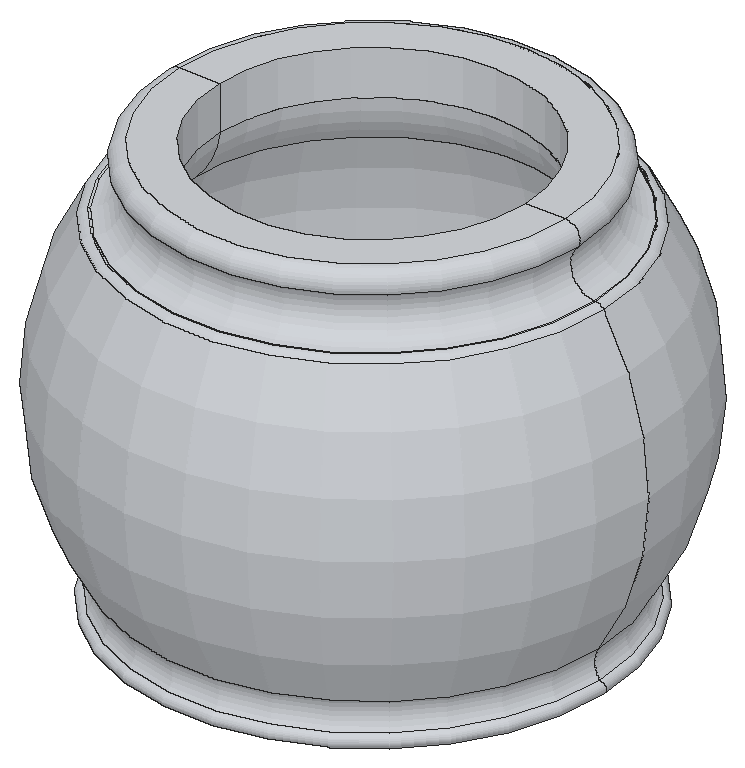
Revit family
Parameters (values of type "SBSP-140.4")
  Width = 4' - 0"
  URL = "www.strombergarchitectural.com"
  Top Material = GFRC
  Submittal Sheet = "www.strombergarchitectural.com/images/materials/gfrc/submittal/gfrc-submittal-sheet.pdf"
  Specifications = "www.strombergarchitectural.com/gfrcspecifications"
  Model Cut-sheet = "www.strombergarchitectural.com/products/bollards/design/SBSP-140"
  Model = "SBSP-140"
  Manufacturer = "Stromberg Architectural Products"
  Guidebook = "www.strombergarchitectural.com/images/materials/gfrc/handbooks/gfrc_guidebook.pdf"
  Frame Material = none
  Description = "GFRC Bollard"
  Assembly Code = ""
  Height = 3' - 0"
  XXX.5 = no
  XXX.4 = yes
  XXX.3 = no
  XXX.2 = no
  XXX.1 = no
Types (5): name | Width | Guidebook | Height | XXX.4 | XXX.3 | XXX.2 | XXX.1
  (no name) | 4' - 0" | "www.strombergarchitectural.com/images/materials/gfrc/handbooks/gfrc_guidebook.pdf" | 3' - 0" | yes | no | no | no
  SBSP-140.3 | 3' - 4" | "www.strombergarchitectural.com/images/materials/gfrc/handbooks/gfrc_guidebook.pdf" | 2' - 6" | no | yes | no | no
  SBSP-140.1 | 2' - 0" | "www.strombergarchitectural.com/images/materials/gfrc/handbooks/gfrc_guidebook.pdf   \r\n(http://www.strombergarchitectural.com/images/materials/gfrc/handbooks/gfrc_guidebook.pdf" | 1' - 6" | no | no | no | yes
  SBSP-140.2 | 2' - 8" | "www.strombergarchitectural.com/images/materials/gfrc/handbooks/gfrc_guidebook.pdf" | 2' - 0" | no | no | yes | no
  SBSP-140.4 | 4' - 0" | "www.strombergarchitectural.com/images/materials/gfrc/handbooks/gfrc_guidebook.pdf" | 3' - 0" | yes | no | no | no
Reference planes (in)
  plane 1 "Center (Front/Back)": y = 3.74847
  plane 2: z = 0
  plane 3 "Center (Left/Right)": x = 0.7278
Forms (in)
  Revolve 1, solid, visible <- "XXX.1"
    sketch origin (90.2363, -5.75153, 48) x (0, 0, -1) y (1, 0, 0)
      loop
        line (29.99639, -81.13272) -> (29.99639, -82.85904) -> (31.93389, -82.85904)
        arc (31.93389, -82.85904) -> (33.55795, -82.21724) -> (34.58496, -80.80489) r 3.12837
        arc (34.58496, -80.80489) -> (39.88147, -79.53319) -> (45.03858, -81.28659) r 9.79762
        arc (45.03858, -81.28659) -> (45.46776, -81.5571) -> (45.9375, -81.74868) r 2.90024
        line (45.9375, -81.74868) -> (45.9375, -89.5085) -> (48, -89.5085) -> (48, -79.66508)
        arc (48, -79.66508) -> (47.71878, -79.38386) -> (47.43755, -79.66508) r 0.28122
        arc (47.43755, -79.66508) -> (46.83461, -79.8779) -> (46.22743, -79.67753) r 0.98939
        arc (46.22743, -79.67753) -> (39.62435, -77.5244) -> (32.95408, -79.45939) r 11.79762
        arc (32.95408, -79.45939) -> (32.81037, -79.62291) -> (32.75855, -79.83434) r 0.45728
        line (32.75855, -79.83434) -> (32.75855, -79.90617)
        arc (32.75855, -79.90617) -> (32.03164, -80.84525) -> (30.87577, -80.57278) r 1.09728
        arc (30.87577, -80.57278) -> (30.28157, -80.61008) -> (29.99639, -81.13272) r 0.61608
      axis (29.99639, -89.5085) -> (48, -89.5085)
    angle from 0 to 360
  Revolve 2, solid, visible <- "XXX.2"
    sketch origin (90.2363, -5.75153, 48) x (0, 0, -1) y (1, 0, 0)
      loop
        line (23.99519, -78.30954) -> (23.99519, -80.6113) -> (26.57852, -80.6113)
        arc (26.57852, -80.6113) -> (28.74393, -79.75556) -> (30.11327, -77.87244) r 4.17116
        arc (30.11327, -77.87244) -> (37.17529, -76.17684) -> (44.05145, -78.5147) r 13.0635
        arc (44.05145, -78.5147) -> (44.62368, -78.87538) -> (45.25, -79.13083) r 3.86698
        line (45.25, -79.13083) -> (45.25, -89.5085) -> (48, -89.5085) -> (48, -76.3527)
        arc (48, -76.3527) -> (47.62504, -75.97773) -> (47.25007, -76.3527) r 0.37496
        arc (47.25007, -76.3527) -> (46.44615, -76.63645) -> (45.63657, -76.36929) r 1.31919
        arc (45.63657, -76.36929) -> (36.83246, -73.49845) -> (27.93877, -76.07843) r 15.73016
        arc (27.93877, -76.07843) -> (27.74716, -76.29646) -> (27.67806, -76.57838) r 0.60971
        line (27.67806, -76.57838) -> (27.67806, -76.67414)
        arc (27.67806, -76.67414) -> (26.70885, -77.92625) -> (25.16769, -77.56296) r 1.46304
        arc (25.16769, -77.56296) -> (24.37542, -77.6127) -> (23.99519, -78.30954) r 0.82144
      axis (23.99519, -89.5085) -> (48, -89.5085)
    angle from 0 to 360
  Revolve 3, solid, visible <- "XXX.3"
    sketch origin (90.2363, -5.75153, 48) x (0, 0, -1) y (1, 0, 0)
      loop
        line (17.99399, -75.51761) -> (17.99399, -78.39482) -> (21.22315, -78.39482)
        arc (21.22315, -78.39482) -> (23.92991, -77.32514) -> (25.64159, -74.97124) r 5.21395
        arc (25.64159, -74.97124) -> (34.46911, -72.85173) -> (43.06431, -75.77406) r 16.32937
        arc (43.06431, -75.77406) -> (43.77959, -76.22491) -> (44.5625, -76.54422) r 4.83373
        line (44.5625, -76.54422) -> (44.5625, -89.5085) -> (48, -89.5085) -> (48, -73.07156)
        arc (48, -73.07156) -> (47.53129, -72.60285) -> (47.06259, -73.07156) r 0.46871
        arc (47.06259, -73.07156) -> (46.05769, -73.42625) -> (45.04571, -73.0923) r 1.64898
        arc (45.04571, -73.0923) -> (34.04058, -69.50374) -> (22.92346, -72.72873) r 19.6627
        arc (22.92346, -72.72873) -> (22.68394, -73.00126) -> (22.59758, -73.35366) r 0.76214
        line (22.59758, -73.35366) -> (22.59758, -73.47336)
        arc (22.59758, -73.47336) -> (21.38607, -75.0385) -> (19.45962, -74.58439) r 1.8288
        arc (19.45962, -74.58439) -> (18.46928, -74.64656) -> (17.99399, -75.51761) r 1.0268
      axis (17.99399, -89.5085) -> (48, -89.5085)
    angle from 0 to 360
  Revolve 4, solid, visible <- "XXX.4"
    sketch origin (90.2363, -5.75153, 48) x (0, 0, -1) y (1, 0, 0)
      loop
        line (11.99278, -72.72568) -> (11.99278, -76.17833) -> (15.86778, -76.17833)
        arc (15.86778, -76.17833) -> (19.11589, -74.89472) -> (21.16991, -72.07004) r 6.25674
        arc (21.16991, -72.07004) -> (31.76293, -69.52663) -> (42.07717, -73.03342) r 19.59524
        arc (42.07717, -73.03342) -> (42.93551, -73.57444) -> (43.875, -73.95762) r 5.80047
        line (43.875, -73.95762) -> (43.875, -89.5085) -> (48, -89.5085) -> (48, -69.79042)
        arc (48, -69.79042) -> (47.43755, -69.22797) -> (46.87511, -69.79042) r 0.56245
        arc (46.87511, -69.79042) -> (45.66923, -70.21605) -> (44.45485, -69.81531) r 1.97878
        arc (44.45485, -69.81531) -> (31.24869, -65.50904) -> (17.90816, -69.37902) r 23.59524
        arc (17.90816, -69.37902) -> (17.62073, -69.70606) -> (17.5171, -70.12894) r 0.91456
        line (17.5171, -70.12894) -> (17.5171, -70.27258)
        arc (17.5171, -70.27258) -> (16.06328, -72.15074) -> (13.75154, -71.60581) r 2.19456
        arc (13.75154, -71.60581) -> (12.56313, -71.68042) -> (11.99278, -72.72568) r 1.23215
      axis (11.99278, -89.5085) -> (48, -89.5085)
    angle from 0 to 360
Dimensions and locks (in)
  aligned and locked: level to plane 2
